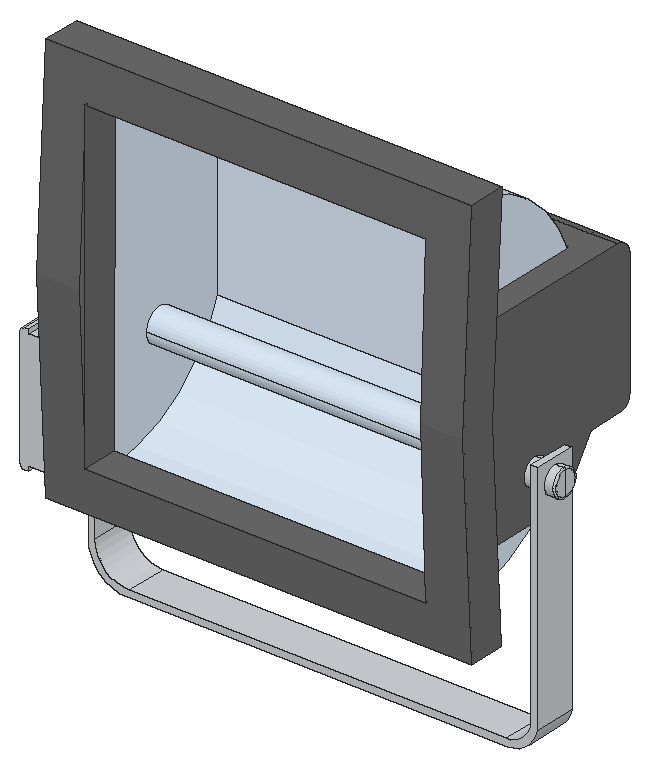
Revit family "Lighting-Floodlights-GEWISS-COLOSSEUM_OTTICA_CIRCULAR", category Apparecchi per illuminazione, host Superficie, Revit 2019 (continued)
Definition of nested family "2D - COLOSSEUM - FRONTE"
  Lines and regions (mm)
    model lines, in view "Livello rif."
      curve 54: line (-192.847, 177.672, 0) -> (-192.691, 176.891, 0)
      curve 55: line (-192.691, 176.891, 0) -> (-192.477, 176.134, 0)
      curve 56: line (-192.477, 176.134, 0) -> (-192.207, 175.402, 0)
      curve 57: line (-192.207, 175.402, 0) -> (-191.884, 174.698, 0)
      curve 58: line (-191.884, 174.698, 0) -> (-191.511, 174.026, 0)
      curve 59: line (-191.511, 174.026, 0) -> (-191.09, 173.388, 0)
      curve 60: line (-191.09, 173.388, 0) -> (-190.623, 172.785, 0)
      curve 61: line (-190.623, 172.785, 0) -> (-190.113, 172.222, 0)
      curve 62: line (-190.113, 172.222, 0) -> (-189.563, 171.7, 0)
      curve 63: line (-189.563, 171.7, 0) -> (-188.974, 171.222, 0)
      curve 64: line (-188.974, 171.222, 0) -> (-188.351, 170.791, 0)
      curve 65: line (-188.351, 170.791, 0) -> (-187.694, 170.409, 0)
      curve 66: line (-187.694, 170.409, 0) -> (-187.007, 170.078, 0)
      curve 67: line (-187.007, 170.078, 0) -> (-186.292, 169.802, 0)
      curve 68: line (-186.292, 169.802, 0) -> (-185.552, 169.583, 0)
      curve 69: line (-185.552, 169.583, 0) -> (-184.788, 169.423, 0)
      curve 70: line (-184.788, 169.423, 0) -> (-184.005, 169.326, 0)
      curve 71: line (-184.005, 169.326, 0) -> (-183.203, 169.292, 0)
      curve 72: line (-183.203, 169.292, 0) -> (207.631, 169.292, 0)
      curve 73: line (207.631, 169.292, 0) -> (-183.203, 169.292, 0)
      curve 74: line (-276.247, 300.33, 0) -> (-276.408, 300.323, 0)
      curve 75: line (-278.176, 298.654, 0) -> (-278.195, 298.493, 0)
      curve 76: line (-278.195, 298.493, 0) -> (-278.201, 298.329, 0)
      curve 77: line (-278.201, 300.33, 0) -> (-278.201, 268.32, 0)
      curve 78: line (-278.201, 270.321, 0) -> (-278.195, 270.157, 0)
      curve 79: line (-278.195, 270.157, 0) -> (-278.176, 269.997, 0)
      curve 80: line (-276.408, 268.327, 0) -> (-276.247, 268.32, 0)
      curve 161: line (265.5, 306.831, 0) -> (265.5, 268.32, 0)
      curve 162: line (257.683, 316.834, 0) -> (257.683, 251.816, 0)
      curve 163: line (207.631, 169.292, 0) -> (208.433, 169.326, 0)
      curve 164: line (208.433, 169.326, 0) -> (209.216, 169.423, 0)
      curve 165: line (209.216, 169.423, 0) -> (209.979, 169.583, 0)
      curve 166: line (209.979, 169.583, 0) -> (210.72, 169.802, 0)
      curve 167: line (210.72, 169.802, 0) -> (211.435, 170.078, 0)
      curve 168: line (211.435, 170.078, 0) -> (212.122, 170.409, 0)
      curve 169: line (212.122, 170.409, 0) -> (212.778, 170.791, 0)
      curve 170: line (212.778, 170.791, 0) -> (213.402, 171.222, 0)
      curve 171: line (213.402, 171.222, 0) -> (213.99, 171.7, 0)
      curve 172: line (213.99, 171.7, 0) -> (214.54, 172.222, 0)
      curve 173: line (214.54, 172.222, 0) -> (215.05, 172.785, 0)
      curve 174: line (215.05, 172.785, 0) -> (215.517, 173.388, 0)
      curve 175: line (215.517, 173.388, 0) -> (215.938, 174.026, 0)
      curve 176: line (215.938, 174.026, 0) -> (216.312, 174.698, 0)
      curve 177: line (216.312, 174.698, 0) -> (216.634, 175.402, 0)
      curve 178: line (216.634, 175.402, 0) -> (216.904, 176.134, 0)
      curve 179: line (216.904, 176.134, 0) -> (217.118, 176.891, 0)
      curve 180: line (217.118, 176.891, 0) -> (217.274, 177.672, 0)
      curve 181: line (217.274, 177.672, 0) -> (217.37, 178.475, 0)
      curve 182: line (217.37, 178.475, 0) -> (217.402, 179.295, 0)
      curve 183: line (217.402, 179.295, 0) -> (217.402, 564.405, 0)
      curve 184: line (217.402, 564.405, 0) -> (217.37, 565.225, 0)
      curve 185: line (217.37, 565.225, 0) -> (217.274, 566.027, 0)
      curve 186: line (217.274, 566.027, 0) -> (217.118, 566.809, 0)
      curve 187: line (217.118, 566.809, 0) -> (216.904, 567.567, 0)
      curve 188: line (216.904, 567.567, 0) -> (216.634, 568.299, 0)
      curve 189: line (216.634, 568.299, 0) -> (216.312, 569.002, 0)
      curve 190: line (216.312, 569.002, 0) -> (215.938, 569.674, 0)
      curve 191: line (215.938, 569.674, 0) -> (215.517, 570.312, 0)
      curve 192: line (215.517, 570.312, 0) -> (215.05, 570.915, 0)
      curve 193: line (215.05, 570.915, 0) -> (214.54, 571.478, 0)
      curve 194: line (214.54, 571.478, 0) -> (213.99, 572, 0)
      curve 195: line (213.99, 572, 0) -> (213.402, 572.478, 0)
      curve 196: line (213.402, 572.478, 0) -> (212.778, 572.909, 0)
      curve 197: line (212.778, 572.909, 0) -> (212.122, 573.291, 0)
      curve 198: line (212.122, 573.291, 0) -> (211.435, 573.622, 0)
      curve 199: line (211.435, 573.622, 0) -> (210.72, 573.898, 0)
      curve 200: line (210.72, 573.898, 0) -> (209.979, 574.117, 0)
      curve 201: line (209.979, 574.117, 0) -> (209.216, 574.277, 0)
      curve 202: line (209.216, 574.277, 0) -> (208.433, 574.375, 0)
      curve 203: line (208.433, 574.375, 0) -> (207.631, 574.408, 0)
      curve 204: line (207.631, 574.408, 0) -> (-183.203, 574.408, 0)
      curve 205: line (-183.203, 574.408, 0) -> (-184.005, 574.375, 0)
      curve 206: line (-184.005, 574.375, 0) -> (-184.788, 574.277, 0)
      curve 207: line (-184.788, 574.277, 0) -> (-185.552, 574.117, 0)
      curve 208: line (-185.552, 574.117, 0) -> (-186.292, 573.898, 0)
      curve 209: line (-186.292, 573.898, 0) -> (-187.007, 573.622, 0)
      curve 210: line (-187.007, 573.622, 0) -> (-187.694, 573.291, 0)
      curve 211: line (-187.694, 573.291, 0) -> (-188.351, 572.909, 0)
      curve 212: line (-188.351, 572.909, 0) -> (-188.974, 572.478, 0)
      curve 213: line (-188.974, 572.478, 0) -> (-189.563, 572, 0)
      curve 214: line (-189.563, 572, 0) -> (-190.113, 571.478, 0)
      curve 215: line (-190.113, 571.478, 0) -> (-190.623, 570.915, 0)
      curve 216: line (-190.623, 570.915, 0) -> (-191.09, 570.312, 0)
      curve 217: line (-191.09, 570.312, 0) -> (-191.511, 569.674, 0)
      curve 218: line (-191.511, 569.674, 0) -> (-191.884, 569.002, 0)
      curve 219: line (-191.884, 569.002, 0) -> (-192.207, 568.299, 0)
      curve 220: line (-192.207, 568.299, 0) -> (-192.477, 567.567, 0)
      curve 221: line (-192.477, 567.567, 0) -> (-192.691, 566.809, 0)
      curve 222: line (-192.691, 566.809, 0) -> (-192.847, 566.027, 0)
      curve 223: line (-192.847, 566.027, 0) -> (-192.942, 565.225, 0)
      curve 224: line (-192.942, 565.225, 0) -> (-192.974, 564.418, 0)
      curve 225: line (278.175, 269.997, 0) -> (278.194, 270.157, 0)
      curve 226: line (278.194, 270.157, 0) -> (278.202, 270.321, 0)
      curve 227: line (278.202, 298.329, 0) -> (278.194, 298.493, 0)
      curve 228: line (278.194, 298.493, 0) -> (278.175, 298.654, 0)
      curve 229: line (276.407, 300.323, 0) -> (276.247, 300.329, 0)
      curve 310: line (-8.83, 394.839, 0) -> (11.849, 422.749, 0)
      curve 311: line (-20.057, 365.754, 0) -> (0.624, 393.664, 0)
      curve 312: line (-25.078, 386.318, 0) -> (-4.399, 414.228, 0)
      curve 313: line (8.6, 353.709, 0) -> (29.28, 381.619, 0)
      curve 314: line (25.735, 365.167, 0) -> (46.415, 393.076, 0)
    model lines, in view "Livello rif.", detail levels medium+fine
      curve 81: line (-238.898, 378.852, 0) -> (-238.337, 378.828, 0)
      curve 82: line (-238.337, 378.828, 0) -> (-237.789, 378.76, 0)
      curve 83: line (-237.789, 378.76, 0) -> (-237.254, 378.648, 0)
      curve 84: line (-237.254, 378.648, 0) -> (-236.736, 378.494, 0)
      curve 85: line (-236.736, 378.494, 0) -> (-236.236, 378.301, 0)
      curve 86: line (-236.236, 378.301, 0) -> (-235.755, 378.07, 0)
      curve 87: line (-235.755, 378.07, 0) -> (-235.295, 377.803, 0)
      curve 88: line (-235.295, 377.803, 0) -> (-234.858, 377.501, 0)
      curve 89: line (-234.858, 377.501, 0) -> (-234.447, 377.166, 0)
      curve 90: line (-234.447, 377.166, 0) -> (-234.061, 376.801, 0)
      curve 91: line (-234.061, 376.801, 0) -> (-233.705, 376.406, 0)
      curve 92: line (-233.705, 376.406, 0) -> (-233.378, 375.985, 0)
      curve 93: line (-233.378, 375.985, 0) -> (-233.083, 375.538, 0)
      curve 94: line (-233.083, 375.538, 0) -> (-232.822, 375.068, 0)
      curve 95: line (-232.822, 375.068, 0) -> (-232.596, 374.575, 0)
      curve 96: line (-232.596, 374.575, 0) -> (-232.407, 374.063, 0)
      curve 97: line (-232.407, 374.063, 0) -> (-232.257, 373.532, 0)
      curve 98: line (-232.257, 373.532, 0) -> (-232.148, 372.985, 0)
      curve 99: line (-232.148, 372.985, 0) -> (-232.081, 372.424, 0)
      curve 100: line (-232.081, 372.424, 0) -> (-232.058, 371.85, 0)
      curve 101: line (-232.058, 371.85, 0) -> (-232.081, 371.275, 0)
      curve 102: line (-232.081, 371.275, 0) -> (-232.148, 370.714, 0)
      curve 103: line (-232.148, 370.714, 0) -> (-232.257, 370.167, 0)
      curve 104: line (-232.257, 370.167, 0) -> (-232.407, 369.636, 0)
      curve 105: line (-232.407, 369.636, 0) -> (-232.596, 369.124, 0)
      curve 106: line (-232.596, 369.124, 0) -> (-232.822, 368.632, 0)
      curve 107: line (-232.822, 368.632, 0) -> (-233.083, 368.161, 0)
      curve 108: line (-233.083, 368.161, 0) -> (-233.378, 367.714, 0)
      curve 109: line (-233.378, 367.714, 0) -> (-233.705, 367.293, 0)
      curve 110: line (-233.705, 367.293, 0) -> (-234.061, 366.898, 0)
      curve 111: line (-234.061, 366.898, 0) -> (-234.447, 366.533, 0)
      curve 112: line (-234.447, 366.533, 0) -> (-234.858, 366.199, 0)
      curve 113: line (-234.858, 366.199, 0) -> (-235.295, 365.897, 0)
      curve 114: line (-235.295, 365.897, 0) -> (-235.755, 365.629, 0)
      curve 115: line (-235.755, 365.629, 0) -> (-236.236, 365.398, 0)
      curve 116: line (-236.236, 365.398, 0) -> (-236.736, 365.204, 0)
      curve 117: line (-236.736, 365.204, 0) -> (-237.254, 365.051, 0)
      curve 118: line (-237.254, 365.051, 0) -> (-237.789, 364.939, 0)
      curve 119: line (-237.789, 364.939, 0) -> (-238.337, 364.871, 0)
      curve 120: line (-238.337, 364.871, 0) -> (-238.898, 364.847, 0)
      curve 121: line (-238.898, 364.847, 0) -> (-239.459, 364.871, 0)
      curve 122: line (-239.459, 364.871, 0) -> (-240.007, 364.939, 0)
      curve 123: line (-240.007, 364.939, 0) -> (-240.542, 365.051, 0)
      curve 124: line (-240.542, 365.051, 0) -> (-241.06, 365.204, 0)
      curve 125: line (-241.06, 365.204, 0) -> (-241.56, 365.398, 0)
      curve 126: line (-241.56, 365.398, 0) -> (-242.041, 365.629, 0)
      curve 127: line (-242.041, 365.629, 0) -> (-242.501, 365.897, 0)
      curve 128: line (-242.501, 365.897, 0) -> (-242.937, 366.199, 0)
      curve 129: line (-242.937, 366.199, 0) -> (-243.349, 366.533, 0)
      curve 130: line (-243.349, 366.533, 0) -> (-243.734, 366.898, 0)
      curve 131: line (-243.734, 366.898, 0) -> (-244.091, 367.293, 0)
      curve 132: line (-244.091, 367.293, 0) -> (-244.418, 367.714, 0)
      curve 133: line (-244.418, 367.714, 0) -> (-244.712, 368.161, 0)
      curve 134: line (-244.712, 368.161, 0) -> (-244.974, 368.632, 0)
      curve 135: line (-244.974, 368.632, 0) -> (-245.2, 369.124, 0)
      curve 136: line (-245.2, 369.124, 0) -> (-245.388, 369.636, 0)
      curve 137: line (-245.388, 369.636, 0) -> (-245.538, 370.167, 0)
      curve 138: line (-245.538, 370.167, 0) -> (-245.648, 370.714, 0)
      curve 139: line (-245.648, 370.714, 0) -> (-245.715, 371.275, 0)
      curve 140: line (-245.715, 371.275, 0) -> (-245.737, 371.85, 0)
      curve 141: line (-245.737, 371.85, 0) -> (-245.715, 372.424, 0)
      curve 142: line (-245.715, 372.424, 0) -> (-245.648, 372.985, 0)
      curve 143: line (-245.648, 372.985, 0) -> (-245.538, 373.532, 0)
      curve 144: line (-245.538, 373.532, 0) -> (-245.388, 374.063, 0)
      curve 145: line (-245.388, 374.063, 0) -> (-245.2, 374.575, 0)
      curve 146: line (-245.2, 374.575, 0) -> (-244.974, 375.068, 0)
      curve 147: line (-244.974, 375.068, 0) -> (-244.712, 375.538, 0)
      curve 148: line (-244.712, 375.538, 0) -> (-244.418, 375.985, 0)
      curve 149: line (-244.418, 375.985, 0) -> (-244.091, 376.406, 0)
      curve 150: line (-244.091, 376.406, 0) -> (-243.734, 376.801, 0)
      curve 151: line (-243.734, 376.801, 0) -> (-243.349, 377.166, 0)
      curve 152: line (-243.349, 377.166, 0) -> (-242.937, 377.501, 0)
      curve 153: line (-242.937, 377.501, 0) -> (-242.501, 377.803, 0)
      curve 154: line (-242.501, 377.803, 0) -> (-242.041, 378.07, 0)
      curve 155: line (-242.041, 378.07, 0) -> (-241.56, 378.301, 0)
      curve 156: line (-241.56, 378.301, 0) -> (-241.06, 378.494, 0)
      curve 157: line (-241.06, 378.494, 0) -> (-240.542, 378.648, 0)
      curve 158: line (-240.542, 378.648, 0) -> (-240.007, 378.76, 0)
      curve 159: line (-240.007, 378.76, 0) -> (-239.459, 378.828, 0)
      curve 160: line (-239.459, 378.828, 0) -> (-238.898, 378.852, 0)
      curve 230: line (245.738, 371.85, 0) -> (245.715, 371.275, 0)
      curve 231: line (245.715, 371.275, 0) -> (245.648, 370.714, 0)
      curve 232: line (245.648, 370.714, 0) -> (245.539, 370.167, 0)
      curve 233: line (245.539, 370.167, 0) -> (245.389, 369.636, 0)
      curve 234: line (245.389, 369.636, 0) -> (245.2, 369.124, 0)
      curve 235: line (245.2, 369.124, 0) -> (244.974, 368.632, 0)
      curve 236: line (244.974, 368.632, 0) -> (244.713, 368.161, 0)
      curve 237: line (244.713, 368.161, 0) -> (244.418, 367.714, 0)
      curve 238: line (244.418, 367.714, 0) -> (244.091, 367.293, 0)
      curve 239: line (244.091, 367.293, 0) -> (243.734, 366.898, 0)
      curve 240: line (243.734, 366.898, 0) -> (243.349, 366.533, 0)
      curve 241: line (243.349, 366.533, 0) -> (242.937, 366.199, 0)
      curve 242: line (242.937, 366.199, 0) -> (242.501, 365.897, 0)
      curve 243: line (242.501, 365.897, 0) -> (242.041, 365.629, 0)
      curve 244: line (242.041, 365.629, 0) -> (241.561, 365.398, 0)
      curve 245: line (241.561, 365.398, 0) -> (241.06, 365.204, 0)
      curve 246: line (241.06, 365.204, 0) -> (240.542, 365.051, 0)
      curve 247: line (240.542, 365.051, 0) -> (240.008, 364.939, 0)
      curve 248: line (240.008, 364.939, 0) -> (239.459, 364.871, 0)
      curve 249: line (239.459, 364.871, 0) -> (238.898, 364.847, 0)
      curve 250: line (238.898, 364.847, 0) -> (238.337, 364.871, 0)
      curve 251: line (238.337, 364.871, 0) -> (237.789, 364.939, 0)
      curve 252: line (237.789, 364.939, 0) -> (237.255, 365.051, 0)
      curve 253: line (237.255, 365.051, 0) -> (236.736, 365.204, 0)
      curve 254: line (236.736, 365.204, 0) -> (236.236, 365.398, 0)
      curve 255: line (236.236, 365.398, 0) -> (235.755, 365.629, 0)
      curve 256: line (235.755, 365.629, 0) -> (235.295, 365.897, 0)
      curve 257: line (235.295, 365.897, 0) -> (234.859, 366.199, 0)
      curve 258: line (234.859, 366.199, 0) -> (234.447, 366.533, 0)
      curve 259: line (234.447, 366.533, 0) -> (234.062, 366.898, 0)
      curve 260: line (234.062, 366.898, 0) -> (233.705, 367.293, 0)
      curve 261: line (233.705, 367.293, 0) -> (233.378, 367.714, 0)
      curve 262: line (233.378, 367.714, 0) -> (233.083, 368.161, 0)
      curve 263: line (233.083, 368.161, 0) -> (232.822, 368.632, 0)
      curve 264: line (232.822, 368.632, 0) -> (232.596, 369.124, 0)
      curve 265: line (232.596, 369.124, 0) -> (232.407, 369.636, 0)
      curve 266: line (232.407, 369.636, 0) -> (232.257, 370.167, 0)
      curve 267: line (232.257, 370.167, 0) -> (232.148, 370.714, 0)
      curve 268: line (232.148, 370.714, 0) -> (232.081, 371.275, 0)
      curve 269: line (232.081, 371.275, 0) -> (232.059, 371.85, 0)
      curve 270: line (232.059, 371.85, 0) -> (232.081, 372.424, 0)
      curve 271: line (232.081, 372.424, 0) -> (232.148, 372.985, 0)
      curve 272: line (232.148, 372.985, 0) -> (232.257, 373.532, 0)
      curve 273: line (232.257, 373.532, 0) -> (232.407, 374.063, 0)
      curve 274: line (232.407, 374.063, 0) -> (232.596, 374.575, 0)
      curve 275: line (232.596, 374.575, 0) -> (232.822, 375.068, 0)
      curve 276: line (232.822, 375.068, 0) -> (233.083, 375.538, 0)
      curve 277: line (233.083, 375.538, 0) -> (233.378, 375.985, 0)
      curve 278: line (233.378, 375.985, 0) -> (233.705, 376.406, 0)
      curve 279: line (233.705, 376.406, 0) -> (234.062, 376.801, 0)
      curve 280: line (234.062, 376.801, 0) -> (234.447, 377.166, 0)
      curve 281: line (234.447, 377.166, 0) -> (234.859, 377.501, 0)
      curve 282: line (234.859, 377.501, 0) -> (235.295, 377.803, 0)
      curve 283: line (235.295, 377.803, 0) -> (235.755, 378.07, 0)
      curve 284: line (235.755, 378.07, 0) -> (236.236, 378.301, 0)
      curve 285: line (236.236, 378.301, 0) -> (236.736, 378.494, 0)
      curve 286: line (236.736, 378.494, 0) -> (237.255, 378.648, 0)
      curve 287: line (237.255, 378.648, 0) -> (237.789, 378.76, 0)
      curve 288: line (237.789, 378.76, 0) -> (238.337, 378.828, 0)
      curve 289: line (238.337, 378.828, 0) -> (238.898, 378.852, 0)
      curve 290: line (238.898, 378.852, 0) -> (239.459, 378.828, 0)
      curve 291: line (239.459, 378.828, 0) -> (240.008, 378.76, 0)
      curve 292: line (240.008, 378.76, 0) -> (240.542, 378.648, 0)
      curve 293: line (240.542, 378.648, 0) -> (241.06, 378.494, 0)
      curve 294: line (241.06, 378.494, 0) -> (241.561, 378.301, 0)
      curve 295: line (241.561, 378.301, 0) -> (242.041, 378.07, 0)
      curve 296: line (242.041, 378.07, 0) -> (242.501, 377.803, 0)
      curve 297: line (242.501, 377.803, 0) -> (242.937, 377.501, 0)
      curve 298: line (242.937, 377.501, 0) -> (243.349, 377.166, 0)
      curve 299: line (243.349, 377.166, 0) -> (243.734, 376.801, 0)
      curve 300: line (243.734, 376.801, 0) -> (244.091, 376.406, 0)
      curve 301: line (244.091, 376.406, 0) -> (244.418, 375.985, 0)
      curve 302: line (244.418, 375.985, 0) -> (244.713, 375.538, 0)
      curve 303: line (244.713, 375.538, 0) -> (244.974, 375.068, 0)
      curve 304: line (244.974, 375.068, 0) -> (245.2, 374.575, 0)
      curve 305: line (245.2, 374.575, 0) -> (245.389, 374.063, 0)
      curve 306: line (245.389, 374.063, 0) -> (245.539, 373.532, 0)
      curve 307: line (245.539, 373.532, 0) -> (245.648, 372.985, 0)
      curve 308: line (245.648, 372.985, 0) -> (245.715, 372.424, 0)
      curve 309: line (245.715, 372.424, 0) -> (245.738, 371.85, 0)
    detail lines, in view "Livello rif."
      curve 315: line (-265.5, 300.33, 0) -> (-265.5, 268.32, 0)
      curve 316: line (-257.682, 306.831, 0) -> (-257.682, 251.831, 0)
Definition of nested family "ETICHETTA LIGHT"
  Parameters (values of type "ETICHETTA LIGHT")
    COMMENTI = ""
  Reference planes
    plane 1: y = 0
    plane 2: x = 0
  Text (mm)
    label "COMMENTI" at (-0.057, 0.105, 0), shows "COMMENTI"
Types (6, lengths in mm): name | Technical sheet | Modello | Lamp power | Lamp current: | Lamp current | IDT | EAN code | Descrizione | Carico apparente | Beam
  GW84656 - COLOSSEUM CIR. BEAM RES. 1000W MN | "https://www.gewiss.com/ww/en/search?q=GW84656" | "GW84656" | "1000W" | "9,6A" | "9,6" | "75a34b3b-cf91-471a-868f-929899d0a9db" | "8011564065734" | "COLOSSEUM CIR. BEAM RES. 1000W MN" | 1000 VA | "Restricted - 8°"
  GW84657 - COLOSSEUM CIR. BEAM RES. 2000W MN | "https://www.gewiss.com/ww/en/search?q=GW84657" | "GW84657" | "2000W" | "11,3A" | "11,3A" | "d83d6f94-218a-4707-b289-70659b4dd8e9" | "8011564065765" | "COLOSSEUM CIR. BEAM RES. 2000W MN" | 2000 VA | "Restricted - 8°"
  GW84754 - COLOSSEUM CIR. BEAM MEDIUM 1000W MN | "https://www.gewiss.com/ww/en/search?q=GW84754" | "GW84754" | "1000W" | "9,6A" | "9,6" | "bca5a7bb-d427-476c-957f-479b7af55dd3" | "8011564099999" | "COLOSSEUM CIR. BEAM MEDIUM 1000W MN" | 1000 VA | "Medium - 10°"
  GW84755 - COLOSSEUM CIR. BEAM MEDIUM 2000W MN | "https://www.gewiss.com/ww/en/search?q=GW84755" | "GW84755" | "2000W" | "11,3A" | "11,3A" | "36e0c751-5da2-4f5b-b782-3005ce20383a" | "8011564100008" | "COLOSSEUM CIR. BEAM MEDIUM 2000W MN" | 2000 VA | "Medium - 10°"
  GW84756 - COLOSSEUM CIR. BEAM DIFF. 1000W MN | "https://www.gewiss.com/ww/en/search?q=GW84756" | "GW84756" | "1000W" | "9,6A" | "9,6" | "1df91aae-9ea2-41d2-b18d-cd5a46f89f75" | "8011564100015" | "COLOSSEUM CIR. BEAM DIFF. 1000W MN" | 1000 VA | "Diffused - 20°"
  GW84757 - COLOSSEUM CIR. BEAM DIFF. 2000W MN | "https://www.gewiss.com/ww/en/search?q=GW84757" | "GW84757" | "2000W" | "11,3A" | "11,3A" | "4ee77757-f5d4-4a3d-af1e-1d570169b690" | "8011564100022" | "COLOSSEUM CIR. BEAM DIFF. 2000W MN" | 2000 VA | "Diffused - 20°"
